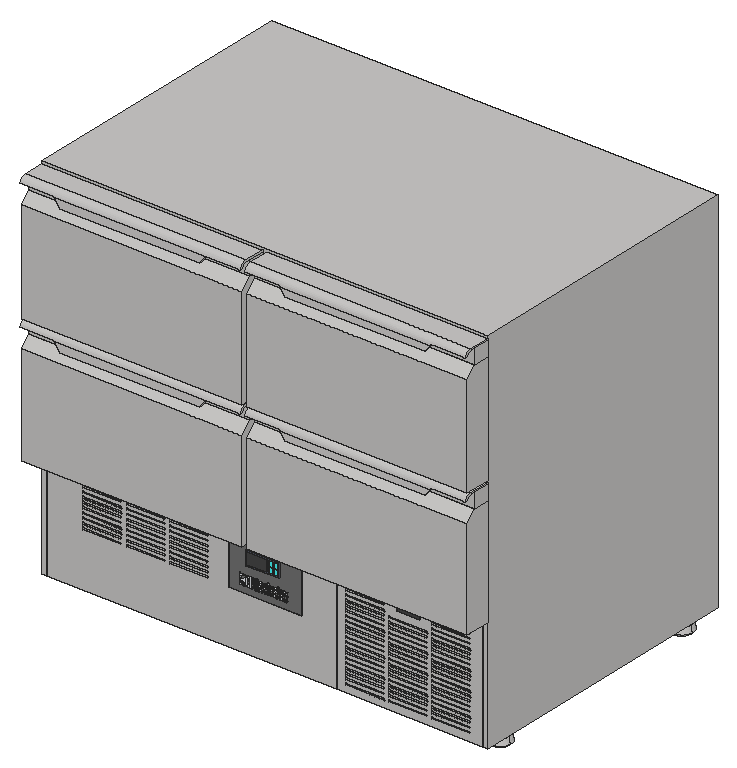
Revit family "QF_ELECTROLUXPROFESSIONAL_725112_SAL25N04", category Attrezzature speciali, Revit 2021 (continued)
Definition of nested family "HORIZREF_FEET20"
  Automatic sketch dimensions
    Revolve 1 sketch curve to Revolve 1 sketch curve = 20 mm
    Revolve 2 sketch curve to plane 3 "Center (Left/Right)" = 0 mm  (x2)
    Revolve 2 sketch curve to plane 4 = 0 mm
    Revolve 2 sketch curve to plane 4 = 6 mm
    plane 3 "Center (Left/Right)" to Revolve 2 sketch curve = 10 mm
    Revolve 2 sketch curve to Revolve 2 sketch curve = 50 mm
    Revolve 2 sketch curve to Revolve 2 sketch curve = 20 mm
Definition of nested family "Refrigerator"
  Reference planes
    plane 1 "Center (Front/Back)": y = 0
    plane 2: z = 0
    plane 3 "Center (Left/Right)": x = 0
  Lines and regions (mm)
    detail lines, in view "Ref. Level"
      curve 1: spline (-500, 190, 0) -> (-493.185, 166.706, 0) -> (-473.205, 145, 0) -> (-441.421, 126.36, 0) -> (-400, 112.058, 0) -> (-351.764, 103.067, 0) -> (-300, 100, 0) -> (-248.236, 103.067, 0) -> (-200, 112.058, 0) -> (-158.579, 126.36, 0) -> (-126.795, 145, 0) -> (-106.815, 166.706, 0) -> (-100, 190, 0) -> (-106.815, 213.294, 0) -> (-126.795, 235, 0) -> (-158.579, 253.64, 0) -> (-200, 267.942, 0) -> (-248.236, 276.933, 0) -> (-300, 280, 0) -> (-351.764, 276.933, 0) -> (-400, 267.942, 0) -> (-441.421, 253.64, 0) -> (-473.205, 235, 0) -> (-493.185, 213.294, 0) -> (-500, 190, 0)
      curve 2: line (-300, 130, 0) -> (-300, 250, 0)
      curve 3: line (-351.962, 220, 0) -> (-248.038, 160, 0)
      curve 4: line (-351.962, 160, 0) -> (-248.038, 220, 0)
      curve 5: line (-280.884, 246.873, 0) -> (-300, 225, 0)
      curve 6: line (-300, 225, 0) -> (-319.116, 246.873, 0)
      curve 7: line (-330.311, 207.5, 0) -> (-339.696, 234.992, 0)
      curve 8: line (-358.812, 201.882, 0) -> (-330.311, 207.5, 0)
      curve 9: line (-330.311, 172.5, 0) -> (-358.812, 178.118, 0)
      curve 10: line (-339.696, 145.008, 0) -> (-330.311, 172.5, 0)
      curve 11: line (-300, 155, 0) -> (-319.116, 133.127, 0)
      curve 12: line (-280.884, 133.127, 0) -> (-300, 155, 0)
      curve 13: line (-269.689, 172.5, 0) -> (-260.304, 145.008, 0)
      curve 14: line (-241.188, 178.118, 0) -> (-269.689, 172.5, 0)
      curve 15: line (-269.689, 207.5, 0) -> (-241.188, 201.882, 0)
      curve 16: line (-260.304, 234.992, 0) -> (-269.689, 207.5, 0)
